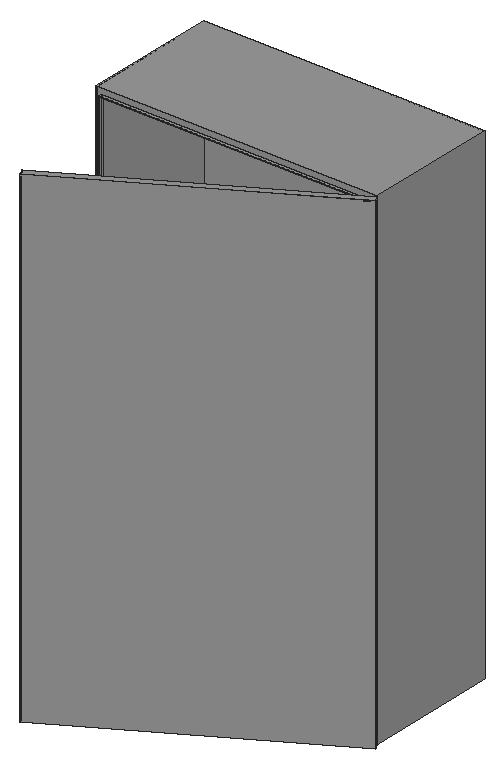
Revit family "Hager-Univers-IP55-D400-H1400-Cl.I-Steel_encl-NoHosted-AT-de", category Equipement électrique, Revit 2020
Family settings
  Configuration du panneau = Deux colonnes, circuits au sein
  Cote de connecteur circulaire = Utiliser le diamètre
  Type d'élément = Tableau de raccordement
  Basée sur le plan de construction = Oui
  Toujours verticalement = Oui
  Couper avec des vides une fois chargée = Non
  Partagée = Non
  Point de calcul de pièce = Non
Parameters (values of type "Aufputz IP55 B800 H1400 T400  - FR93G")
  Width Control [instance] = if([EF000008 - Breite] > Min Width, [EF000008 - Breite], Min Width)  # 800 mm
  Commentaires du type = [HG000003 - Bereich]  # "Univers"
  Thickness Door [instance] = if([EF009171 - Materialstärke Tür/Deckel] > 3 mm, 3 mm, [EF009171 - Materialstärke Tür/Deckel])  # 1.5 mm
  Seal Frame Offset [instance] = 17 mm  # constant formula
  Plinth Visibility [instance] = [HG000027 - Sockelhöhe] > 0 mm  # no
  Min Width [instance] = 100 mm  # constant formula
  Min Depth [instance] = (2 * [EF009170 - Materialstärke Gehäuse]) + 1 mm  # 4 mm
  Min Height [instance] = 100 mm  # constant formula
  Internal Frame Depth [instance] = (Door System Depth * 0.5)  # 9 mm
  Panel Name [instance] = ""  # (empty or 0)
  Model = ""
  HG000027 - Sockelhöhe = 0 mm
  HG000026 - Stehend auf dem Boden = no
  HG000024 - Höhe des unteren Teils = 600 mm
  HG000023 - Gehäuse mit doppeltem Querschnitt = no
  HG000016 - 3D-Türsichtbarkeit [instance] = yes
  HG000015 - Sichtbarkeit der Türöffnung [instance] = no
  HG000014 - Tür rechts [instance] = yes
  HG000013 - Tür links [instance] = not([HG000014 - Tür rechts])  # no
  HG000012 - Türschwenkwinkel [instance] = 30.00°
  HG000010 - Asymmetrische Türen = no
  HG000009 - Doppelflügeligen Tür = no
  HG000006 - Unterputz = no
  HG000004 - Herstellerreferenz = "FR93G"
  HG000003 - Bereich = "Univers"
  HG000002 - Mit tür = yes
  Frame Offset Bottom [instance] = 10 mm  # constant formula
  Frame Offset [instance] = 15 mm  # constant formula
  EF015940 - Deckel mit Überdruckentlastung = no
  EF011959 - Schutzart (NEMA) = ""
  EF009554 - Anzahl der Öffnungen für Flanschplatten = 6
  EF009212 - Ausführung Deckel = "EV000116 - geschlossen"
  EF009171 - Materialstärke Tür/Deckel = 1.5 mm
  EF009170 - Materialstärke Gehäuse = 1.5 mm
  EF008873 - Nennstrom (In) = 800 A
  EF007800 - Geeignet für Blitzschutz = no
  EF006306 - Mit Schloss = no
  EF006244 - Transparenter Deckel/Tür = no
  EF005474 - Schutzart (IP) = "EV006420 - IP55"
  EF004464 - Art der Tür = "EV002646 - Einzel"
  EF004427 - Anzahl der Module = 324
  EF004293 - Schlagfestigkeit = "EV008784 - IK10"
  EF003532 - Geeignet für Außengebrauch = no
  EF002950 - Breite in Teilungseinheiten = 24
  EF001613 - Funktionserhalt = "EV000494 - ohne"
  EF001596 - Werkstoff des Gehäuses = "EV000179 - Stahl"
  EF001131 - Innentiefe = 400 mm
  EF001088 - Anbaumöglichkeit = yes
  EF000437 - Anzahl der Leitungseinführungen = 6
  EF000339 - Art der Abdeckung = "EV004216 - Tür"
  EF000266 - Anzahl der Reihen = 9
  EF000218 - Einbautiefe = 0 mm
  EF000118 - Mit Montageplatte = no
  EF000116 - RAL-Nummer = "7035"
  EF000049 - Tiefe = 400 mm
  EF000040 - Höhe = 1400 mm
  EF000008 - Breite = 800 mm
  EF000007 - Farbe = "EV000270 - grau"
  EF000003 - Montageart = "EV000384 - Aufputz"
  Door System Leaf Tolerance [instance] = 1.5 mm  # constant formula
  Door System Depth [instance] = 18 mm  # constant formula
  Door Height [instance] = Height Control - [HG000027 - Sockelhöhe]  # 1400 mm
  Description = ""
  Default Elevation = 1219.2 mm
  Connector Offset [instance] = Height Control / 2  # 700 mm
  Fabricant = "Hager"  # constant formula
  Height Control [instance] = if([EF000040 - Höhe] > Min Height, [EF000040 - Höhe], Min Height)  # 1400 mm
  Depth Control [instance] = if([EF000049 - Tiefe] > Min Depth, [EF000049 - Tiefe], Min Depth)  # 400 mm
  Bottom Top Plate Trim [instance] = 1.5 mm  # constant formula
  Plinth height Ctrl [instance] = if([HG000027 - Sockelhöhe] > 0 mm, [HG000027 - Sockelhöhe], 12 mm)  # 12 mm
Types (3, lengths in mm): name | Width Control | HG000009 - Doppelflügeligen Tür | HG000004 - Herstellerreferenz | EF009554 - Anzahl der Öffnungen für Flanschplatten | EF004464 - Art der Tür | EF004427 - Anzahl der Module | EF000437 - Anzahl der Leitungseinführungen | EF000008 - Breite
  Aufputz IP55 B1050 H1400 T400  - FR94G | 1050 | yes | "FR94G" | 8 | "EV003602 - Doppel" | 432 | 8 | 1050
  Aufputz IP55 B550 H1400 T400  - FR92G | 550 | no | "FR92G" | 4 | "EV002646 - Einzel" | 216 | 4 | 550
  Aufputz IP55 B800 H1400 T400  - FR93G | 800 | no | "FR93G" | 6 | "EV002646 - Einzel" | 324 | 6 | 800
Reference planes
  plane 1 "Center (Front/Back)": y = 0
  plane 2: z = 0
  plane 3 "Center (Left/Right)": x = 0
  plane 4: y = 0
  plane 5: y = 0
  plane 6: z = 0
  plane 7: x = -400
  plane 8: x = 400
  plane 9: x = 398.5
  plane 10: x = -398.5
  plane 11: z = 0
  plane 12: z = 1.5
  plane 13: y = -400
  plane 14: y = -1.5
  plane 15: x = 0
  plane 16: y = -382
  plane 17: y = -398.5
  plane 18: y = -380.5
  plane 19: x = -383.5
  plane 20: x = 383.5
  plane 21: z = 11.5
  plane 22: x = -383
  plane 23: x = 383
  plane 24: z = 0
  plane 25: z = 1400
  plane 26: z = 1400
  plane 27: z = 1383.5
  plane 28: z = 1398.5
Forms (mm)
  Extrusion 1, solid, material "Hager_Steel_RAL7035_Light_Grey", detail levels medium+fine
    sketch origin (-208.679, -4572, 0) x (-1, 0, 0) y (0, -1, 0)
      loop
        line (191.321, -4190) -> (-608.679, -4190) -> (-608.679, -4572) -> (191.321, -4572) -> (191.321, -4190)
    from 0 to 1400
  Extrusion 2, void
    sketch origin (-350.771, -400, 1219.2) x (1, 0, 0) y (0, 0, 1)
      loop
        line (-47.729, 179.3) -> (-47.729, -1217.7) -> (749.271, -1217.7) -> (749.271, 179.3) -> (-47.729, 179.3)
    from -19.5 to -398.5
  Extrusion 3, void
    sketch origin (-290.084, -382, 1219.2) x (1, 0, 0) y (0, 0, 1)
      loop
        line (-93.416, -1207.7) -> (673.584, -1207.7) -> (673.584, 164.3) -> (-93.416, 164.3) -> (-93.416, -1207.7)
    from 0 to -1.5
  Extrusion 4, solid, material "Hager_Steel_RAL7035_Light_Grey", visible <- "Plinth Visibility", detail levels medium+fine
    sketch origin (0, 0, 0) x (1, 0, 0) y (0, 1, 0)
      loop
        line (-400, 0) -> (-400, -382) -> (400, -382) -> (400, 0) -> (-400, 0)
    from 0 to 12 <- "Plinth height Ctrl"
  Extrusion 5, solid, material "Hager_Steel_RAL7035_Light_Grey", detail levels coarse
    sketch origin (0, 0, 0) x (1, 0, 0) y (0, 1, 0)
      loop
        line (-400, 0) -> (-400, -400) -> (400, -400) -> (400, 0) -> (-400, 0)
    from 0 to 1400 <- "Height Control"
  Sweep 6, void
    path in 3D
      loop
        line (-400, -382, 12) -> (400, -382, 12) -> (400, 0, 12) -> (-400, 0, 12) -> (-400, -382, 12)
    profile origin (-400, -191, 12) x (1, 0, 0) y (0, 0, 1)
      loop
        line (0, 0) -> (0, -1.5) -> (1.5, -1.5)
        arc (1.5, -1.5) -> (1.061, -0.439) -> (0, 0) r 1.5
  Extrusion 7, solid, material "Hager_Steel_RAL7035_Light_Grey", detail levels fine
    sketch origin (-400, -382, 0) x (1, 0, 0) y (0, 0, 1)
      loop
        line (16.5, 11.5) -> (783.5, 11.5) -> (783.5, 1383.5) -> (16.5, 1383.5) -> (16.5, 11.5)
      loop
        line (15, 10) -> (785, 10) -> (785, 1385) -> (15, 1385) -> (15, 10)
    from 0 to 9 <- "Internal Frame Depth"
Cuts and joins
  Extrusion 2, Extrusion 3 cuts Extrusion 1
  Sweep 6 cuts Extrusion 4
Lines and regions (mm)
  Masking region 1
    outline origin (0, 0, 0) x (1, 0, 0) y (0, 1, 0)
      loop
        line (-400, 0) -> (-400, -400) -> (400, -400) -> (400, 0) -> (-400, 0)
  Masking region 2, detail levels coarse
    outline origin (-290.084, -382, 1219.2) x (-1, 0, 0) y (0, 0, 1)
      loop
        line (-690.084, -1219.2) -> (109.916, -1219.2) -> (109.916, 180.8) -> (-690.084, 180.8) -> (-690.084, -1219.2)
  Masking region 3, detail levels coarse
    outline origin (0, 0, 0) x (0, 1, 0) y (0, 0, 1)
      loop
        line (0, 0) -> (0, 1400) -> (-400, 1400) -> (-400, 0) -> (0, 0)
  Masking region 4, visible <- "Plinth Visibility", detail levels medium+fine
    outline origin (0, 0, 0) x (0, 1, 0) y (0, 0, 1)
      loop
        line (-1.5, 12) -> (-380.5, 12)
        arc (-380.5, 12) -> (-380.939, 10.939) -> (-382, 10.5) r 1.5
        line (-382, 10.5) -> (-382, 0) -> (0, 0) -> (0, 10.5)
        arc (0, 10.5) -> (-1.061, 10.939) -> (-1.5, 12) r 1.5
  Masking region 5, detail levels medium+fine
    outline origin (0, 0, 594.038) x (0, 1, 0) y (0, 0, 1)
      loop
        line (0, -594.038) -> (0, 805.962) -> (-382, 805.962) -> (-382, -594.038) -> (0, -594.038)
  Masking region 6, detail levels medium+fine
    outline origin (-359.7, -382, 1211.883) x (-1, 0, 0) y (0, 0, 1)
      loop
        line (-759.7, -1211.883) -> (40.3, -1211.883) -> (40.3, 188.117) -> (-759.7, 188.117) -> (-759.7, -1211.883)
  Masking region 7, visible <- "Plinth Visibility", detail levels medium+fine
    outline origin (-320.334, -382, 1041.368) x (-1, 0, 0) y (0, 0, 1)
      loop
        line (-720.334, -1041.368) -> (79.666, -1041.368) -> (79.666, -1030.868)
        arc (79.666, -1030.868) -> (78.606, -1030.429) -> (78.166, -1029.368) r 1.5
        line (78.166, -1029.368) -> (-718.834, -1029.368)
        arc (-718.834, -1029.368) -> (-719.273, -1030.429) -> (-720.334, -1030.868) r 1.5
        line (-720.334, -1030.868) -> (-720.334, -1041.368)
  sketch lines
    curve 1: line (-400, 0, 12) -> (-400, -382, 12)
    curve 2: line (-400, -382, 12) -> (400, -382, 12)
    curve 3: line (400, 0, 12) -> (-400, 0, 12)
    curve 4: line (400, -382, 12) -> (400, 0, 12)
Dimensions and locks
  locked: plane 1 "Center (Front/Back)" to plane 5
  "EF009170 - Materialstärke Gehäuse": plane 7 to plane 10
  "EF009170 - Materialstärke Gehäuse": plane 8 to plane 9
  equal spacing: plane 7, plane 3 "Center (Left/Right)", plane 8
  "Width Control": plane 7 to plane 8
  "Depth Control": plane 4 to plane 13
  "EF009170 - Materialstärke Gehäuse": plane 4 to plane 14
  "Height Control": plane 25 to level
  "HG000027 - Sockelhöhe": plane 11 to level
  "EF009170 - Materialstärke Gehäuse": plane 12 to plane 11
  "EF009170 - Materialstärke Gehäuse": plane 17 to plane 13
  "EF009170 - Materialstärke Gehäuse": plane 18 to plane 16
  "Frame Offset Bottom": plane 21 to plane 12
  "Frame Offset": plane 10 to plane 19
  "Frame Offset": plane 9 to plane 20
  "Door System Depth": plane 16 to plane 13
  "Seal Frame Offset": plane 7 to plane 22
  "Seal Frame Offset": plane 8 to plane 23
  "EF009170 - Materialstärke Gehäuse": plane 26 to plane 28
  "Frame Offset": plane 28 to plane 27
  "Connector Offset": plane 2 to connector elem
  "Bottom Top Plate Trim": profile plane to Sweep 6 sketch curve
  "Bottom Top Plate Trim": Sweep 6 sketch curve to Sweep 6 sketch curve
  "Plinth height Ctrl": Masking region 4 sketch curve to level
  "Plinth height Ctrl": Masking region 7 sketch curve to level
  "Thickness Door": Extrusion 7 sketch curve to Extrusion 7 sketch curve  (x4)
  "Bottom Top Plate Trim": radius of Sweep 6 sketch curve
  "Bottom Top Plate Trim": radius of Masking region 4 sketch curve  (x2)
  "Bottom Top Plate Trim": radius of Masking region 7 sketch curve  (x2)
  aligned and locked: Extrusion 2 sketch curve to plane 12
  aligned and locked: Extrusion 2 sketch curve to plane 9
  aligned and locked: Extrusion 2 sketch curve to plane 10
  aligned and locked: Extrusion 2 to plane 14
  aligned and locked: Extrusion 1 sketch curve to plane 4
  aligned and locked: plane 8 to Extrusion 1 sketch curve
  aligned and locked: plane 7 to Extrusion 1 sketch curve
  aligned and locked: Extrusion 2 to plane 18
  aligned and locked: Extrusion 3 sketch curve to plane 19
  aligned and locked: plane 20 to Extrusion 3 sketch curve
  aligned and locked: Extrusion 3 to Extrusion 2
  aligned and locked: Extrusion 3 sketch curve to plane 21
  aligned and locked: plane 3 "Center (Left/Right)" to nested 1
  aligned and locked: Extrusion 1 sketch curve to plane 16
  aligned and locked: Extrusion 4 sketch curve to cut or joined group of Extrusion 1, Extrusion 2, Extrusion 3
  aligned and locked: Masking region 1 sketch curve to plane 7
  aligned and locked: Masking region 1 sketch curve to plane 5
  aligned and locked: Masking region 1 sketch curve to plane 8
  aligned and locked: Masking region 2 sketch curve to level
  aligned and locked: level to Masking region 3 sketch curve
  aligned and locked: plane 1 "Center (Front/Back)" to Masking region 3 sketch curve
  aligned and locked: plane 13 to Masking region 3 sketch curve
  aligned and locked: plane 5 to Masking region 4 sketch curve
  aligned and locked: Masking region 2 sketch curve to plane 8
  aligned and locked: Masking region 2 sketch curve to plane 7
  aligned and locked: plane 7 to nested 2
  aligned and locked: nested 2 to plane 5
  aligned and locked: plane 5 to Masking region 5 sketch curve
  aligned and locked: plane 26 to Masking region 5 sketch curve
  aligned and locked: Extrusion 5 sketch curve to plane 8
  aligned and locked: Extrusion 5 sketch curve to plane 7
  aligned and locked: Extrusion 5 sketch curve to plane 5
  aligned and locked: Extrusion 3 sketch curve to plane 27
  aligned and locked: Extrusion 2 sketch curve to plane 28
  aligned and locked: Masking region 2 to plane 25
  aligned and locked: Extrusion 4 to plane 16
  aligned and locked: profile plane to Sweep 6 sketch curve
  aligned and locked: Masking region 5 sketch curve to plane 24
  aligned and locked: level to Masking region 4 sketch curve
  aligned and locked: Masking region 1 to plane 13
  aligned and locked: nested 1 to plane 16
  aligned and locked: Masking region 3 to plane 25
  aligned and locked: plane 16 to Masking region 4 sketch curve
  aligned and locked: Masking region 5 sketch curve to plane 16
  aligned and locked: plane 24 to plane 11
  aligned and locked: plane 26 to plane 25
  aligned and locked: plane 26 to cut or joined group of Extrusion 1, Extrusion 2, Extrusion 3
  aligned and locked: nested 1 to plane 24
  aligned and locked: Extrusion 1 to Extrusion 3
  aligned and locked: Masking region 6 sketch curve to plane 8
  aligned and locked: Masking region 6 sketch curve to plane 24
  aligned and locked: Masking region 6 sketch curve to plane 7
  aligned and locked: Masking region 6 sketch curve to plane 26
  aligned and locked: Masking region 7 sketch curve to plane 7
  aligned and locked: level to Masking region 7 sketch curve
  aligned and locked: Masking region 7 sketch curve to plane 8
  aligned and locked: Extrusion 7 sketch curve to cut or joined group of Extrusion 1, Extrusion 2, Extrusion 3  (x4)
Automatic sketch dimensions
  plane 19 to Extrusion 3 sketch curve = 0 mm
  Extrusion 3 sketch curve to plane 20 = 0 mm
  Extrusion 3 sketch curve to plane 21 = 0 mm
  Extrusion 4 sketch curve to plane 7 = 0 mm
  Extrusion 4 sketch curve to plane 8 = 0 mm
  Extrusion 4 sketch curve to plane 16 = 0 mm
  Masking region 1 sketch curve to plane 13 = 0 mm
  Masking region 2 sketch curve to plane 25 = 0 mm
  Masking region 3 sketch curve to plane 25 = 0 mm
  Extrusion 5 sketch curve to plane 13 = 0 mm
  profile plane to Sweep 6 sketch curve = 0 mm
Nested families
  nested 1: "EC000058_Univers_Door" at (0, -382, 0), Double <- "HG000009 - Doppelflügeligen Tür", Transparent <- "EF006244 - Transparenter Deckel/Tür", Angle <- "HG000012 - Türschwenkwinkel", Door_Right <- "HG000014 - Tür rechts", Assymetrical <- "HG000010 - Asymmetrische Türen", Door <- "HG000002 - Mit tür", Width_Ctrl <- "Width Control", 3d_Door <- "HG000016 - 3D-Türsichtbarkeit", Clearance <- "HG000015 - Sichtbarkeit der Türöffnung", Door_Left <- "HG000013 - Tür links", Width <- "Width Control", Door_Depth <- "Door System Depth", Leaf_Tolerance <- "Door System Leaf Tolerance", Height <- "Door Height", Lock_Visibility <- "EF006306 - Mit Schloss", Thickness <- "Thickness Door", type "EC000058_Univers_Door", detail levels medium+fine
    with min_wh 4 mm, Width_Ctrl 800 mm, Width 800 mm, Transparent no, Thickness 1.5 mm, Seal_Material Hager_Rubber, Lock_Visibility no, Lock_Material Hager_Plastic_RAL9005_Jet_Black, Leaf_Width 800 mm, Leaf_Tolerance_External_Sides 0 mm, Leaf_Tolerance 1.5 mm, Leaf_Offset 0 mm, Leaf_Height 1397 mm, Leaf_2_Width 800 mm, Leaf_2_Offset 400 mm, Leaf_1_Width 800 mm, Leaf_1_Offset 400 mm, Height_Ctrl 1400 mm, Height 1400 mm, Glass_Material Hager_Glass, Double_Clearance_Ctrl no, Double no, Door_Right_Ctrl yes, Door_Right yes, Door_Material Hager_Steel_RAL7035_Light_Grey, Door_Left_Ctrl no, Door_Left no, Door_Depth 18 mm, Door yes, Clearance_Material Hager_Clearance, Clearance_Depth 800 mm, Clearance_Ctrl no, Clearance no, Assymetrical no, Angle 30.00°, 3d_Door yes
  nested 2: "Hager_Enclosure_Symbol" at (-400, 0, 0), Height <- "Depth Control", Width <- "Width Control", type "Hager_Enclosure_Symbol"
    with Width_Ctrl 800 mm, Width 800 mm, Height_Ctrl 400 mm, Height 400 mm, A_Width_Int 26.25 mm, A_Width 315 mm, A_Height_Ctrl 350 mm, A_Height 350 mm
Connectors
  electrical at (0, 0, 700)
    settings: on plane 1 "Center (Front/Back)", index 1, voltage 0 V, apparent load 0 VA, apparent load phase1 0 VA, apparent load phase2 0 VA, apparent load phase3 0 VA, power factor 1, load classification "Other", number of poles 1, system type 30, power factor state 1, is connector primary yes, connector utility no, sub classification motor no, connector description ""
Definition of nested family "EC000058_Univers_Door"
  Parameters (values of type "EC000058_Univers_Door")
    min_wh [instance] = (2 * Thickness) + 1 mm  # 11 mm
    Width_Ctrl [instance] = 400 mm
    Width [instance] = 500 mm
    Transparent [instance] = yes
    Thickness [instance] = 5 mm
    Seal_Material [instance] = none
    Lock_Visibility [instance] = yes
    Lock_Material [instance] = none
    Leaf_Width [instance] = if((Width_Ctrl - 2 * Leaf_Tolerance_External_Sides) > 0 mm, (Width_Ctrl - 2 * Leaf_Tolerance_External_Sides), min_wh)  # 400 mm
    Leaf_Tolerance_External_Sides [instance] = 0 mm  # constant formula
    Leaf_Tolerance [instance] = 1.5 mm
    Leaf_Offset [instance] = 0 mm  # constant formula
    Leaf_Height [instance] = if((Height_Ctrl - 2 * Leaf_Tolerance) > 0 mm, (Height_Ctrl - 2 * Leaf_Tolerance), min_wh)  # 497 mm
    Leaf_2_Width [instance] = if(and(and(Double, Assymetrical), Door_Left), (Leaf_Width / 3) - (Leaf_Tolerance / 2), if(and(and(Double, Assymetrical), Door_Right), (Leaf_Width / 3) * 2 - (Leaf_Tolerance / 2), if(and(Double, not(Assymetrical)), (Leaf_Width / 2) - Leaf_Tolerance, Leaf_Width)))  # 400 mm
    Leaf_2_Offset [instance] = if(and(Double, Assymetrical), Leaf_2_Width / 2, if(and(Double, not(Assymetrical)), Leaf_Width / 4, Leaf_Width / 2))  # 200 mm
    Leaf_1_Width [instance] = if(and(and(Double, Assymetrical), Door_Right), (Leaf_Width / 3) - (Leaf_Tolerance / 2), if(and(and(Double, Assymetrical), Door_Left), (Width / 3) * 2 - (Leaf_Tolerance / 2), if(and(Double, not(Assymetrical)), (Leaf_Width / 2) - Leaf_Tolerance, Leaf_Width)))  # 400 mm
    Leaf_1_Offset [instance] = if(and(Double, Assymetrical), Leaf_1_Width / 2, if(and(Double, not(Assymetrical)), Leaf_Width / 4, Leaf_Width / 2))  # 200 mm
    Height_Ctrl [instance] = if(Height > min_wh, Height, min_wh)  # 500 mm
    Height [instance] = 500 mm
    Glass_Material [instance] = none
    Double_Clearance_Ctrl [instance] = and(Double, Clearance)  # no
    Double [instance] = no
    Door_Right_Ctrl [instance] = and(or(Door_Right, Double), Door)  # yes
    Door_Right [instance] = yes
    Door_Material [instance] = none
    Door_Left_Ctrl [instance] = and(or(Door_Left, Double), Door)  # no
    Door_Left [instance] = no
    Door_Depth [instance] = 30 mm
    Door [instance] = yes
    Default Elevation = 1219.2 mm
    Clearance_Material [instance] = none
    Clearance_Depth [instance] = if(Leaf_1_Width > Leaf_2_Width, Leaf_1_Width, Leaf_2_Width)  # 400 mm
    Clearance_Ctrl [instance] = and(not(Double), Clearance)  # yes
    Clearance [instance] = yes
    Assymetrical [instance] = yes
    Angle [instance] = 30.00°
    3d_Door [instance] = yes
  Reference planes
    plane 1 "Center (Front/Back)": y = 0
    plane 2 "Bottom": z = 0
    plane 3 "Center (Left/Right)": x = 0
    plane 4: z = 500
    plane 5: x = -200
    plane 6: x = 200
    plane 7: z = 500
    plane 8: x = -200
    plane 9: z = 0
    plane 10: x = 200
    plane 11: y = 0
    plane 12: z = 1.5
    plane 13: x = -600
    plane 14: y = -400
    plane 15: x = 600
    plane 16: x = 0
    plane 17: x = 0
    plane 18: x = -200
    plane 19: x = 200
    plane 20: z = 498.5
  Forms (mm)
    Extrusion 1, solid, material <- "Clearance_Material", visible <- "Double_Clearance_Ctrl"
      sketch origin (1200, 0, 0) x (1, 0, 0) y (0, 0, -1)
        loop
          line (-1800, -498.5) -> (-600, -498.5) -> (-600, 0) -> (-1800, 0) -> (-1800, -498.5)
      from 0 to -400
  Dimensions and locks
    equal spacing: plane 5, plane 3 "Center (Left/Right)", plane 6
    "Width_Ctrl": plane 5 to plane 6
    "Leaf_Offset": plane 5 to plane 8
    "Leaf_Offset": plane 6 to plane 10
    "Leaf_Offset": plane 9 to level
    "Leaf_Offset": plane 4 to plane 7
    "Height_Ctrl": plane 4 to level
    "Leaf_Tolerance": plane 12 to plane 9
    locked: plane 11 to plane 1 "Center (Front/Back)"
    "Leaf_1_Offset": plane 18 to plane 16
    "Leaf_2_Offset": plane 17 to plane 19
    "Leaf_1_Width": plane 13 to plane 8
    "Leaf_2_Width": plane 10 to plane 15
    "Clearance_Depth": plane 14 to plane 1 "Center (Front/Back)"
    "Leaf_Tolerance_External_Sides": plane 8 to plane 18
    "Leaf_Tolerance_External_Sides": plane 19 to plane 10
    "Leaf_Tolerance": plane 7 to plane 20
    aligned and locked: level to plane 2 "Bottom"
    aligned and locked: nested 1 to plane 16
    aligned and locked: nested 2 to plane 17
    aligned and locked: Extrusion 1 to plane 13
    aligned and locked: plane 15 to Extrusion 1
    aligned and locked: Extrusion 1 to plane 14
    aligned and locked: plane 12 to nested 1
    aligned and locked: nested 2 to plane 12
    aligned and locked: Extrusion 1 to plane 11
    aligned and locked: plane 20 to Extrusion 1
    aligned and locked: nested 2 to plane 11
    aligned and locked: nested 1 to plane 11
  Automatic sketch dimensions
    Extrusion 1 sketch curve to level = 0 mm
    plane 5 to Extrusion 1 sketch curve = 400 mm
    plane 6 to Extrusion 1 sketch curve = 400 mm
    Extrusion 1 sketch curve to plane 4 = 1.5 mm
  Nested families
    nested 1: "EC000058_Univers_Door_Leaf" at (0, 0, 1.5), Width <- "Leaf_1_Width", visible <- "Door_Left_Ctrl", Leaf_Height <- "Leaf_Height", Angle <- "Angle", 3d_Door <- "3d_Door", Transparent <- "Transparent", Clearance Material <- "Clearance_Material", Clearance <- "Clearance_Ctrl", Door_Material <- "Door_Material", Glass_Material <- "Glass_Material", Door_Depth <- "Door_Depth", Lock_Material <- "Lock_Material", Seal_Material <- "Seal_Material", Lock_Visibility <- "Lock_Visibility", Thickness <- "Thickness", type "EC000058_Univers_Door_Leaf"
      with Width 400 mm, Transparent_Glass_Offset 30 mm, Transparent_Ctrl yes, Transparent yes, Thickness 5 mm, Standard no, Seal_Material none, Seal_D2 8 mm, Seal_D1 1 mm, Offset_Internal_Frame 10 mm, Lock_Width 20 mm, Lock_Visibility_3d yes, Lock_Visibility yes, Lock_Thickness_3 3 mm, Lock_Thickness_2 1 mm, Lock_Thickness_1 3 mm, Lock_Radius_Offset_2 16 mm, Lock_Radius_Offset_1 15 mm, Lock_Radius_2 5 mm, Lock_Radius 6 mm, Lock_Offset 5 mm, Lock_Material none, Lock_Height 80 mm, Lock_Cover_Top_Offset_2d 17 mm, Lock_Cover_Height -65 mm, Leaf_Height 497 mm, Internal_Seal_Thickness 8 mm, Internal_Seal_Depth_2 4.5 mm, Internal_Frame_Depth 25 mm, Glass_Thickness -1 mm, Glass_Offset -2 mm, Glass_Material none, Door_Material none, Door_Depth 30 mm, Clearance Material none, Clearance yes, Angle_Ctrl 30.00°, Angle 30.00°, 3d_Door yes
    nested 2: "EC000058_Univers_Door_Leaf" at (0, 0, 1.5) x (-1, 0, 0) z (0, 0, 1), Width <- "Leaf_2_Width", visible <- "Door_Right_Ctrl", Leaf_Height <- "Leaf_Height", Angle <- "Angle", 3d_Door <- "3d_Door", Transparent <- "Transparent", Clearance Material <- "Clearance_Material", Clearance <- "Clearance_Ctrl", Door_Material <- "Door_Material", Glass_Material <- "Glass_Material", Door_Depth <- "Door_Depth", Lock_Material <- "Lock_Material", Seal_Material <- "Seal_Material", Lock_Visibility <- "Lock_Visibility", Thickness <- "Thickness", type "EC000058_Univers_Door_Leaf"
      with Width 400 mm, Transparent_Glass_Offset 30 mm, Transparent_Ctrl yes, Transparent yes, Thickness 5 mm, Standard no, Seal_Material none, Seal_D2 8 mm, Seal_D1 1 mm, Offset_Internal_Frame 10 mm, Lock_Width 20 mm, Lock_Visibility_3d yes, Lock_Visibility yes, Lock_Thickness_3 3 mm, Lock_Thickness_2 1 mm, Lock_Thickness_1 3 mm, Lock_Radius_Offset_2 16 mm, Lock_Radius_Offset_1 15 mm, Lock_Radius_2 5 mm, Lock_Radius 6 mm, Lock_Offset 5 mm, Lock_Material none, Lock_Height 80 mm, Lock_Cover_Top_Offset_2d 17 mm, Lock_Cover_Height -65 mm, Leaf_Height 497 mm, Internal_Seal_Thickness 8 mm, Internal_Seal_Depth_2 4.5 mm, Internal_Frame_Depth 25 mm, Glass_Thickness -1 mm, Glass_Offset -2 mm, Glass_Material none, Door_Material none, Door_Depth 30 mm, Clearance Material none, Clearance yes, Angle_Ctrl 30.00°, Angle 30.00°, 3d_Door yes
  Definition of nested family "EC000058_Univers_Door_Leaf"
    Parameters (values of type "EC000058_Univers_Door_Leaf")
      Width [instance] = 2000 mm
      Transparent_Glass_Offset [instance] = 30 mm
      Transparent_Ctrl [instance] = and(Transparent, [3d_Door])  # yes
      Transparent [instance] = yes
      Thickness [instance] = 5 mm
      Standard [instance] = and(not(Transparent), [3d_Door])  # no
      Seal_Material [instance] = none
      Seal_D2 [instance] = 8 mm  # constant formula
      Seal_D1 [instance] = 1 mm  # constant formula
      Offset_Internal_Frame [instance] = 10 mm  # constant formula
      Lock_Width [instance] = 20 mm  # constant formula
      Lock_Visibility_3d [instance] = and(Lock_Visibility, [3d_Door])  # yes
      Lock_Visibility [instance] = yes
      Lock_Thickness_3 [instance] = 3 mm  # constant formula
      Lock_Thickness_2 [instance] = 1 mm  # constant formula
      Lock_Thickness_1 [instance] = 3 mm  # constant formula
      Lock_Radius_Offset_2 [instance] = Lock_Radius_Offset_1 + 1 mm  # 16 mm
      Lock_Radius_Offset_1 [instance] = 15 mm  # constant formula
      Lock_Radius_2 [instance] = Lock_Radius - 1 mm  # 5 mm
      Lock_Radius [instance] = 6 mm  # constant formula
      Lock_Offset [instance] = 5 mm  # constant formula
      Lock_Material [instance] = none
      Lock_Height [instance] = 80 mm  # constant formula
      Lock_Cover_Top_Offset_2d [instance] = Lock_Radius_Offset_2 + 1 mm  # 17 mm
      Lock_Cover_Height [instance] = -(Lock_Height - Lock_Radius_Offset_1)  # -65 mm
      Leaf_Height [instance] = 2720.336 mm
      Internal_Seal_Thickness [instance] = 8 mm  # constant formula
      Internal_Seal_Depth_2 [instance] = 4.5 mm  # constant formula
      Internal_Frame_Depth [instance] = if(Door_Depth - Thickness > 5 mm, Door_Depth - Thickness, 5 mm)  # 25 mm
      Glass_Thickness [instance] = if(Thickness > 15 mm, Glass_Offset + 10 mm, -1 mm)  # -1 mm
      Glass_Offset [instance] = if(Thickness > 15 mm, -(Thickness + 10 mm) / 2, -2 mm)  # -2 mm
      Glass_Material [instance] = none
      Door_Material [instance] = none
      Door_Depth [instance] = 30 mm
      Default Elevation = 0 mm
      Clearance Material [instance] = none
      Clearance [instance] = yes
      Angle_Ctrl [instance] = if(Angle > 180.00°, 180.00°, Angle)  # 90.00°
      Angle [instance] = 90.00°
      3d_Door [instance] = yes
    Reference planes
      plane 1 "Center (Front/Back)": y = 0
      plane 2: z = 0
      plane 3 "Center (Left/Right)": x = 0
      plane 4: y = 2000
      plane 5: x = -1000
      plane 6: x = 1000
      plane 7: x = -3000
      plane 8: z = 2720.336
      plane 9: z = 30
      plane 10: z = 2690.336
      plane 11: x = 970
      plane 12: x = -970
      plane 13: y = -3
      plane 14: z = 107.833
      plane 15: y = -5
      plane 16: y = -223.314
      plane 17: x = -1000
      plane 18: z = 1360.168
      plane 19: y = 30
    Forms (mm)
      Extrusion 1, solid, material <- "Clearance Material", visible <- "Clearance"
        sketch origin (0, 0, 0) x (1, 0, 0) y (0, 0, 1)
          loop
            line (-3000, 2720.336) -> (-3000, 0) -> (1000, 0) -> (1000, 2720.336) -> (-3000, 2720.336)
        from 0 to -2000
      Extrusion 2, solid, material <- "Door_Material", visible <- "Standard", detail levels medium+fine
        sketch origin (-1000, 0, 0) x (0, 1, 0) y (-1, 0, 0)
          loop
            line (0, 30) -> (0, 25) -> (2000, 25) -> (2000, 30) -> (0, 30)
        from 0 to 2720.336 <- "Leaf_Height"
      Extrusion 3, solid, material <- "Door_Material", visible <- "Transparent_Ctrl", detail levels medium+fine
        sketch origin (-1000, 0, 0) x (0, 1, 0) y (-1, 0, 0)
          loop
            line (0, 25) -> (2000, 25) -> (2000, 30) -> (0, 30) -> (0, 25)
        from 0 to 2720.336 <- "Leaf_Height"
      Extrusion 4, void
        sketch origin (-1025, 2000, 0) x (0, 1, 0) y (0, 0, -1)
          loop
            line (-30, -2690.336) -> (-30, -30) -> (-1970, -30) -> (-1970, -2690.336) -> (-30, -2690.336)
        from 0 to 5 <- "Thickness"
      Sweep 5, solid, material <- "Seal_Material", visible <- "Transparent_Ctrl", detail levels fine
        path in 3D
          loop
            line (-1025, 30, 30) -> (-1025, 30, 2690.336) -> (-1025, 1970, 2690.336) -> (-1025, 1970, 30) -> (-1025, 30, 30)
        profile origin (-1025, 1000, 30) x (1, 0, 0) y (0, 0, 1)
          loop
            line (0, 0) -> (0, -8) -> (1, -8) -> (1, 0) -> (0, 0)
      Extrusion 6, solid, material <- "Glass_Material", visible <- "Transparent_Ctrl", detail levels medium+fine
        sketch origin (-1030, 0, 0) x (0, 1, 0) y (0, 0, -1)
          loop
            line (1970, -2690.336) -> (1970, -30) -> (30, -30) -> (30, -2690.336) -> (1970, -2690.336)
        from -2 <- "Glass_Offset" to -1 <- "Glass_Thickness"
      Extrusion 7, solid, material <- "Door_Material", visible <- "3d_Door", detail levels medium+fine
        sketch origin (-1025, 2000, 0) x (0, -1, 0) y (0, 0, -1)
          loop
            line (0, -2720.336) -> (2000, -2720.336) -> (2000, 0) -> (0, 0) -> (0, -2720.336)
          loop
            line (1995, -5) -> (5, -5) -> (5, -2715.336) -> (1995, -2715.336) -> (1995, -5)
        from 0 to 25 <- "Internal_Frame_Depth"
      Sweep 8, solid, material <- "Seal_Material", visible <- "Transparent_Ctrl", detail levels fine
        path in 3D
          loop
            line (-1025, 0, 0) -> (-1025, 2000, 0) -> (-1025, 2000, 2720.336) -> (-1025, 0, 2720.336) -> (-1025, 0, 0)
        profile origin (-1025, 0, 1360.168) x (1, 0, 0) y (0, 1, 0)
          loop
            line (0, 10) -> (2.975, 10)
            arc (2.975, 10) -> (4.053, 10.447) -> (4.5, 11.525) r 1.525
            line (4.5, 11.525) -> (4.5, 16.527)
            arc (4.5, 16.527) -> (4.069, 17.569) -> (3.027, 18) r 1.473
            line (3.027, 18) -> (0, 18) -> (0, 10)
      Extrusion 9, solid, material <- "Lock_Material", visible <- "Lock_Visibility_3d", detail levels fine
        sketch origin (-1030, 0, 0) x (0, 1, 0) y (0, 0, -1)
          loop
            arc (1993.5, -1400.168) -> (1994.561, -1399.729) -> (1995, -1398.668) r 1.5
            line (1995, -1398.668) -> (1995, -1320.168) -> (1975, -1320.168) -> (1975, -1398.668)
            arc (1975, -1398.668) -> (1975.439, -1399.729) -> (1976.5, -1400.168) r 1.5
            line (1976.5, -1400.168) -> (1993.5, -1400.168)
        from 3 <- "Lock_Thickness_1" to 0
      Blend 10, solid, material <- "Lock_Material", visible <- "Lock_Visibility_3d", detail levels fine
        base sketch origin (-1033, 0, 0) x (0, 1, 0) y (0, 0, -1)
          loop
            line (1975, -1320.168) -> (1975, -1398.668)
            arc (1975, -1398.668) -> (1975.439, -1399.729) -> (1976.5, -1400.168) r 1.5
            line (1976.5, -1400.168) -> (1993.5, -1400.168)
            arc (1993.5, -1400.168) -> (1994.561, -1399.729) -> (1995, -1398.668) r 1.5
            line (1995, -1398.668) -> (1995, -1320.168) -> (1975, -1320.168)
        top sketch origin (-1033, 0, 0) x (0, 1, 0) y (0, 0, -1)
          loop
            line (1976, -1320.168) -> (1976, -1398.668)
            arc (1976, -1398.668) -> (1976.146, -1399.022) -> (1976.5, -1399.168) r 0.5
            line (1976.5, -1399.168) -> (1993.5, -1399.168)
            arc (1993.5, -1399.168) -> (1993.854, -1399.022) -> (1994, -1398.668) r 0.5
            line (1994, -1398.668) -> (1994, -1320.168) -> (1976, -1320.168)
        from 0 to 1 <- "Lock_Thickness_2"
      Blend 11, solid, material <- "Lock_Material", visible <- "Lock_Visibility_3d", detail levels fine
        base sketch origin (-1034, 0, 0) x (0, 1, 0) y (0, 0, -1)
          loop
            line (1978, -1320.168) -> (1978, -1384.168)
            arc (1978, -1384.168) -> (1985, -1391.168) -> (1992, -1384.168) r 7
            line (1992, -1384.168) -> (1992, -1320.168) -> (1978, -1320.168)
        top sketch origin (-1034, 0, 0) x (0, 1, 0) y (0, 0, -1)
          loop
            line (1991, -1320.168) -> (1979, -1320.168) -> (1979, -1383.168)
            arc (1979, -1383.168) -> (1985, -1389.168) -> (1991, -1383.168) r 6
            line (1991, -1383.168) -> (1991, -1320.168)
        from 0 to 3 <- "Lock_Thickness_3"
      Extrusion 12, solid, material <- "Lock_Material", visible <- "Lock_Visibility_3d", detail levels fine
        sketch origin (-1030, 1975, 1320.168) x (1, 0, 0) y (0, -1, 0)
          loop
            line (-7, -19) -> (-7, -1) -> (0, -1) -> (0, 0) -> (-8, 0) -> (-8, -20) -> (0, -20) -> (0, -19) -> (-7, -19)
        from 0 to -65 <- "Lock_Cover_Height"
      Extrusion 13, void
        sketch origin (-1038, 1995, 1320.168) x (-1, 0, 0) y (0, 0, -1)
          loop
            line (-5, -65) -> (0, -65) -> (-5, -60) -> (-5, -65)
        from 0 to 20 <- "Lock_Width"
      Extrusion 14, void
        sketch origin (-1038, 1975, 1320.168) x (0, -1, 0) y (0, 0, -1)
          loop
            circle (-10, -15.995) r 6
          loop
            circle (-10, -15.995) r 5
        from 0 to 2
      Extrusion 15, solid, material <- "Lock_Material", visible <- "Lock_Visibility_3d", detail levels medium
        sketch origin (-1030, 0, 0) x (0, 1, 0) y (0, 0, -1)
          loop
            arc (1993.5, -1400.168) -> (1994.561, -1399.729) -> (1995, -1398.668) r 1.5
            line (1995, -1398.668) -> (1995, -1320.168) -> (1975, -1320.168) -> (1975, -1398.668)
            arc (1975, -1398.668) -> (1975.439, -1399.729) -> (1976.5, -1400.168) r 1.5
            line (1976.5, -1400.168) -> (1993.5, -1400.168)
        from 8 to 0
    Cuts and joins
      Extrusion 4 cuts Extrusion 3
      Extrusion 13, Extrusion 14 cuts Extrusion 9
      Extrusion 14 cuts Blend 11
      Extrusion 13, Extrusion 14 cuts Extrusion 12
      joined: Extrusion 9, Blend 10, Blend 11, Extrusion 12
      Extrusion 14 cuts Extrusion 15
    Lines and regions (mm)
      Masking region 1, visible <- "Lock_Visibility", detail levels fine
        outline origin (0, 0, 0) x (0, 1, 0) y (0, 0, 1)
          loop
            line (30, 1320.168) -> (33, 1320.168) -> (33, 1400.168) -> (30, 1400.168) -> (30, 1320.168)
      Masking region 2, visible <- "Lock_Visibility", detail levels fine
        outline origin (0, 3.143, 0) x (0, 1, 0) y (0, 0, 1)
          loop
            line (29.857, 1354.168) -> (30.857, 1354.168) -> (30.857, 1366.168) -> (29.857, 1366.168) -> (29.857, 1354.168)
      Masking region 3, detail levels medium+fine
        outline origin (0, 0, 0) x (0, 1, 0) y (0, 0, 1)
          loop
            line (0, 0) -> (30, 0) -> (30, 2720.336) -> (0, 2720.336) -> (0, 0)
      Masking region 4, detail levels medium+fine
        outline origin (0, 0, 0) x (1, 0, 0) y (0, 0, 1)
          loop
            line (-1000, 2720.336) -> (-1000, 0) -> (1000, 0) -> (1000, 2720.336) -> (-1000, 2720.336)
      Masking region 5, visible <- "Lock_Visibility", detail levels fine
        outline origin (-47.116, 0, 0) x (1, 0, 0) y (0, 0, 1)
          loop
            arc (1024.616, 1399.168) -> (1023.556, 1398.729) -> (1023.116, 1397.668) r 1.5
            line (1023.116, 1397.668) -> (1023.116, 1320.168) -> (1041.116, 1320.168) -> (1041.116, 1397.668)
            arc (1041.116, 1397.668) -> (1040.677, 1398.729) -> (1039.616, 1399.168) r 1.5
            line (1039.616, 1399.168) -> (1024.616, 1399.168)
      Masking region 6, visible <- "Lock_Visibility", detail levels medium+fine
        outline origin (-25, 0, 0) x (1, 0, 0) y (0, 0, 1)
          loop
            arc (1001.5, 1400.168) -> (1000.439, 1399.729) -> (1000, 1398.668) r 1.5
            line (1000, 1398.668) -> (1000, 1320.168) -> (1020, 1320.168) -> (1020, 1398.668)
            arc (1020, 1398.668) -> (1019.561, 1399.729) -> (1018.5, 1400.168) r 1.5
            line (1018.5, 1400.168) -> (1001.5, 1400.168)
      Masking region 7, visible <- "Lock_Visibility", detail levels fine
        outline origin (-73.735, 0, 0) x (1, 0, 0) y (0, 0, 1)
          loop
            line (1051.735, 1382.168) -> (1065.735, 1382.168) -> (1065.735, 1384.168)
            arc (1065.735, 1384.168) -> (1058.735, 1391.168) -> (1051.735, 1384.168) r 7
            line (1051.735, 1384.168) -> (1051.735, 1382.168)
      Masking region 8, visible <- "Lock_Visibility", detail levels fine
        outline origin (-73.735, 0, 0) x (1, 0, 0) y (0, 0, 1)
          loop
            line (1052.735, 1382.168) -> (1064.735, 1382.168) -> (1064.735, 1383.168)
            arc (1064.735, 1383.168) -> (1058.735, 1389.168) -> (1052.735, 1383.168) r 6
            line (1052.735, 1383.168) -> (1052.735, 1382.168)
      Masking region 9, visible <- "Lock_Visibility", detail levels fine
        outline origin (-25, 0, 0) x (1, 0, 0) y (0, 0, 1)
          loop
            line (1020, 1320.168) -> (1020, 1382.168) -> (1000, 1382.168) -> (1000, 1320.168) -> (1020, 1320.168)
      Masking region 10, detail levels medium+fine
        outline origin (0, 0, 0) x (1, 0, 0) y (0, 0, 1)
          loop
            circle (985, 1335.144) r 6
      Masking region 11, detail levels fine
        outline origin (0, 0, 0) x (1, 0, 0) y (0, 0, 1)
          loop
            circle (985, 1335.144) r 5
      Masking region 12, visible <- "Lock_Visibility", detail levels fine
        outline origin (0, 12.767, 0) x (0, 1, 0) y (0, 0, 1)
          loop
            line (20.233, 1320.168) -> (21.233, 1320.168) -> (21.233, 1399.168) -> (20.233, 1400.168) -> (20.233, 1320.168)
      Masking region 13, visible <- "Lock_Visibility", detail levels fine
        outline origin (0, 13.767, -10) x (0, 1, 0) y (0, 0, 1)
          loop
            line (20.233, 1330.168) -> (23.233, 1330.168) -> (23.233, 1399.168) -> (20.233, 1402.168) -> (20.233, 1330.168)
      Masking region 14, visible <- "Lock_Visibility", detail levels fine
        outline origin (0, 12.767, -10) x (0, 1, 0) y (0, 0, 1)
          loop
            line (20.233, 1330.168) -> (25.233, 1330.168) -> (25.233, 1399.305) -> (20.233, 1394.305) -> (20.233, 1330.168)
      Masking region 15, visible <- "Lock_Visibility", detail levels medium
        outline origin (0, 0, 0) x (0, 1, 0) y (0, 0, 1)
          loop
            line (30, 1320.168) -> (38, 1320.168) -> (38, 1400.168) -> (30, 1400.168) -> (30, 1320.168)
      Masking region 16, visible <- "Lock_Visibility", detail levels fine
        outline origin (-1000, 0, 0) x (0, 1, 0) y (-1, 0, 0)
          loop
            line (1975, 30) -> (1995, 30) -> (1995, 38) -> (1975, 38) -> (1975, 30)
          loop
            line (1979, 37) -> (1976, 37) -> (1976, 34) -> (1978, 34) -> (1979, 37)
          loop
            line (1994, 37) -> (1991, 37) -> (1992, 34) -> (1994, 34) -> (1994, 37)
      Masking region 17, visible <- "Lock_Visibility", detail levels medium
        outline origin (-1000, 0, 0) x (0, 1, 0) y (-1, 0, 0)
          loop
            line (1975, 30) -> (1995, 30) -> (1995, 38) -> (1975, 38) -> (1975, 30)
      symbolic lines
        curve 1: line (1000, 0, 0) -> (-3000, 0, 0)
        curve 2: arc (1000, 0, 0) -> (-1000, 2000, 0) -> (-3000, 0, 0) r 2000
        curve 4: line (-1030, 0, 0) -> (-1030, 2000, 0)
      reference lines
        curve 3: line (-1000, 0, 0) -> (-1000, 2000, 0)
      symbolic lines, detail levels medium+fine
        curve 5: line (-1030, 2000, 0) -> (-1025, 2000, 0)
        curve 7: line (-1025, 0, 0) -> (-1030, 0, 0)
        curve 8: line (-1025, 0, 0) -> (-1000, 0, 0)
        curve 9: line (-1000, 0, 0) -> (-1000, 2000, 0)
        curve 10: line (-1000, 2000, 0) -> (-1025, 2000, 0)
      symbolic lines, detail levels fine
        curve 6: line (-1025, 2000, 0) -> (-1025, 0, 0)
      sketch lines
        curve 11: line (-1025, 0, 2720.336) -> (-1025, 0, 0)
        curve 12: line (-1025, 2000, 0) -> (-1025, 0, 0)
        curve 13: line (-1025, 2000, 2720.336) -> (-1025, 2000, 0)
        curve 14: line (-1025, 0, 2720.336) -> (-1025, 2000, 2720.336)
        curve 15: line (-1025, 1970, 30) -> (-1025, 30, 30)
        curve 16: line (-1025, 30, 30) -> (-1025, 30, 2690.336)
        curve 17: line (-1025, 1970, 2690.336) -> (-1025, 1970, 30)
        curve 18: line (-1025, 30, 2690.336) -> (-1025, 1970, 2690.336)
      symbolic lines, visible <- "Transparent", detail levels medium+fine
        curve 19: line (-970, 0, 2690.336) -> (970, 0, 2690.336)
        curve 20: line (-970, 0, 30) -> (-970, 0, 2690.336)
        curve 21: line (970, 0, 30) -> (-970, 0, 30)
        curve 22: line (970, 0, 2690.336) -> (970, 0, 30)
    Dimensions and locks
      "Width": plane 1 "Center (Front/Back)" to plane 4
      equal spacing: plane 5, plane 3 "Center (Left/Right)", plane 6
      "Width": plane 5 to plane 6
      "Width": plane 7 to plane 5
      "Leaf_Height": plane 8 to level
      "Width": curve 5 to curve 3
      "Width": curve 3 to curve 3
      plane 8 to plane 10 = 30 mm
      plane 9 to level = 30 mm
      plane 12 to plane 5 = 30 mm
      plane 6 to plane 11 = 30 mm
      Extrusion 1 to Extrusion 4 sketch curve = 30 mm
      "Transparent_Glass_Offset": curve 3 to Extrusion 4 sketch curve
      "Transparent_Glass_Offset": Extrusion 4 sketch curve to cut or joined group of Extrusion 3, Extrusion 4  (x2)
      cut or joined group of Extrusion 3, Extrusion 4 to Extrusion 6 sketch curve = 30 mm
      "Transparent_Glass_Offset": cut or joined group of Extrusion 3, Extrusion 4 to Extrusion 4 sketch curve
      "Thickness": curve 6 to curve 4
      "Thickness": Extrusion 7 sketch curve to Extrusion 7 sketch curve  (x4)
      "Door_Depth": curve 4 to curve 3
      "Offset_Internal_Frame": profile plane to Sweep 8 sketch curve
      "Internal_Seal_Thickness": Sweep 8 sketch curve to Sweep 8 sketch curve
      "Internal_Seal_Depth_2": profile plane to Sweep 8 sketch curve
      "Seal_D1": profile plane to Sweep 5 sketch curve
      "Seal_D2": profile plane to Sweep 5 sketch curve
      "Thickness": Extrusion 2 sketch curve to Extrusion 2 sketch curve
      equal spacing: Extrusion 9 sketch curve, plane 18, Extrusion 9 sketch curve  (x2)
      equal spacing: Masking region 1 sketch curve, plane 18, Masking region 1 sketch curve
      "Lock_Height": Masking region 1 sketch curve to Masking region 1 sketch curve
      "Lock_Radius": Masking region 2 sketch curve to plane 18 to Masking region 2 sketch curve
      Masking region 2 sketch curve to Masking region 1 = 1 mm
      "Door_Depth": plane 19 to plane 1 "Center (Front/Back)"
      "Lock_Thickness_1": Masking region 1 sketch curve to plane 19
      "Lock_Width": Extrusion 9 sketch curve to Extrusion 9 sketch curve
      "Lock_Height": Extrusion 9 sketch curve to Extrusion 9 sketch curve
      "Lock_Offset": cut or joined group of Extrusion 3, Extrusion 4 to Extrusion 9 sketch curve
      equal spacing: plane 8, plane 18, level
      "Lock_Radius_Offset_1": Blend 11 sketch curve to Blend 10
      locked: Blend 10 to Blend 11 sketch curve at 2  (x2)
      locked: var sketch to Blend 11 sketch curve at 1  (x2)
      "Lock_Radius_Offset_2": Blend 11 sketch curve to Blend 10
      locked: Extrusion 12 sketch curve to Extrusion 12 sketch curve at 1  (x3)
      Masking region 6 sketch curve to Masking region 6 sketch curve = 80 mm
      "Lock_Height": Masking region 6 sketch curve to Masking region 6 sketch curve
      "Lock_Width": Masking region 6 sketch curve to Masking region 6 sketch curve
      locked: Masking region 6 to Masking region 5 sketch curve at 1  (x3)
      locked: Masking region 5 to Masking region 7 sketch curve at 2  (x2)
      "Lock_Radius_Offset_1": Masking region 5 to Masking region 7 sketch curve
      "Lock_Radius_Offset_2": Masking region 5 to Masking region 8 sketch curve
      locked: Masking region 7 to Masking region 8 sketch curve at 1  (x2)
      "Lock_Cover_Top_Offset_2d": Masking region 5 to Masking region 9 sketch curve
      equal spacing: Masking region 9, Masking region 10 sketch curve, Masking region 9
      equal spacing: Masking region 9, Masking region 11 sketch curve, Masking region 9
      Extrusion 15 sketch curve to Extrusion 15 sketch curve = 80 mm
      "Lock_Width": Extrusion 15 sketch curve to Extrusion 15 sketch curve
      "Lock_Height": Extrusion 15 sketch curve to Extrusion 15 sketch curve
      equal spacing: Extrusion 15 sketch curve, plane 18, Extrusion 15 sketch curve
      "Lock_Thickness_3": Masking region 13 sketch curve to Masking region 13 sketch curve
      "Lock_Height": Masking region 12 sketch curve to Masking region 12 sketch curve
      locked: Masking region 13 sketch curve to Masking region 1 at 8
      locked: Masking region 14 sketch curve to Masking region 13 at 1
      locked: Masking region 14 sketch curve to Masking region 1 at 10.863
      "Lock_Height": Masking region 15 sketch curve to Masking region 15 sketch curve
      "Lock_Offset": Extrusion 15 sketch curve to cut or joined group of Extrusion 3, Extrusion 4
      "Lock_Offset": plane 6 to Masking region 6 sketch curve
      radius of Sweep 8 sketch curve = 1.525 mm
      radius of Sweep 8 sketch curve = 1.473 mm
      radius of Extrusion 9 sketch curve = 1.5 mm  (x2)
      "Lock_Radius": radius of Extrusion 14 sketch curve
      "Lock_Radius_2": radius of Extrusion 14 sketch curve
      "Lock_Radius": radius of Masking region 10 sketch curve
      "Lock_Radius_2": radius of Masking region 11 sketch curve
      radius of Extrusion 15 sketch curve = 1.5 mm  (x2)
      "Angle_Ctrl": angle plane 1 "Center (Front/Back)" to curve 3
      locked: Masking region 12 sketch curve to Masking region 12 sketch curve (angle 45.00°)
      locked: Masking region 13 sketch curve to Masking region 13 sketch curve (angle 45.00°)
      locked: Masking region 14 sketch curve to Masking region 14 sketch curve (angle 45.00°)
      aligned and locked: level to plane 2
      aligned and locked: Extrusion 1 to curve 1
      aligned and locked: plane 6 to Extrusion 1
      aligned and locked: Extrusion 1 to plane 1 "Center (Front/Back)"
      aligned and locked: plane 4 to Extrusion 1
      aligned and locked: plane 8 to Extrusion 1
      aligned and locked: curve 7 to Extrusion 2 sketch curve
      aligned and locked: curve 5 to Extrusion 2 sketch curve
      aligned and locked: curve 7 to Extrusion 3 sketch curve
      aligned and locked: Extrusion 3 sketch curve to curve 4
      aligned and locked: Extrusion 3 sketch curve to curve 6
      aligned and locked: Extrusion 3 sketch curve to curve 5
      aligned and locked: curve 9 to curve 3
      aligned and locked: Extrusion 7 sketch curve to cut or joined group of Extrusion 3, Extrusion 4  (x4)
      aligned and locked: plane 17 to curve 3
      aligned and locked: plane 1 "Center (Front/Back)" to curve 3
      aligned and locked: plane 17 to plane 5
      aligned and locked: Sweep 8 sketch curve to profile plane
      aligned and locked: Sweep 5 sketch curve to profile plane  (x2)
      aligned and locked: Masking region 1 to Masking region 2 sketch curve
      aligned and locked: plane 19 to Masking region 1 sketch curve
      aligned and locked: plane 1 "Center (Front/Back)" to Masking region 3 sketch curve
      aligned and locked: plane 19 to Masking region 3 sketch curve
      aligned and locked: level to Masking region 3 sketch curve
      aligned and locked: Masking region 3 sketch curve to plane 8
      aligned and locked: plane 17 to Masking region 4 sketch curve
      aligned and locked: level to Masking region 4 sketch curve
      aligned and locked: Masking region 4 sketch curve to plane 8
      aligned and locked: plane 12 to curve 20
      aligned and locked: plane 10 to curve 19
      aligned and locked: plane 11 to curve 22
      aligned and locked: curve 21 to plane 9
      aligned and locked: Extrusion 2 sketch curve to cut or joined group of Extrusion 3, Extrusion 4
      aligned and locked: Blend 10 sketch curve to Extrusion 9  (x4)
      aligned and locked: Extrusion 9 to Blend 10 sketch curve
      aligned and locked: Blend 10 to Blend 11 sketch curve
      aligned and locked: Extrusion 12 sketch curve to Blend 11
      aligned and locked: Extrusion 12 sketch curve to Extrusion 9  (x4)
      aligned and locked: Masking region 5 sketch curve to Masking region 6
      aligned and locked: Masking region 9 sketch curve to Masking region 6  (x3)
      aligned and locked: Masking region 12 sketch curve to Masking region 1
      aligned and locked: Masking region 13 sketch curve to Masking region 1
      aligned and locked: Masking region 12 to Masking region 14
      aligned and locked: Masking region 14 sketch curve to Masking region 1
      aligned and locked: Masking region 15 sketch curve to Masking region 14
      aligned and locked: Masking region 13 sketch curve to Masking region 12
      aligned and locked: Masking region 16 sketch curve to cut or joined group of Extrusion 14, Extrusion 15  (x4)
      aligned and locked: Masking region 16 sketch curve to cut or joined group of Extrusion 9, Blend 10, Blend 11, Extrusion 12, Extrusion 13, Extrusion 14  (x6)
      aligned and locked: cut or joined group of Extrusion 9, Blend 10, Blend 11, Extrusion 12, Extrusion 13, Extrusion 14 to Masking region 16 sketch curve
      aligned and locked: Masking region 17 sketch curve to cut or joined group of Extrusion 14, Extrusion 15  (x3)
      aligned and locked: Masking region 17 sketch curve to cut or joined group of Extrusion 9, Blend 10, Blend 11, Extrusion 12, Extrusion 13, Extrusion 14
      aligned and locked: Masking region 9 to Masking region 8 sketch curve
      aligned and locked: Masking region 9 to Masking region 7 sketch curve
    Automatic sketch dimensions
      plane 1 "Center (Front/Back)" to curve 2 = 0 mm
      curve 2 to plane 5 = 0 mm
      Extrusion 1 sketch curve to level = 0 mm
      Extrusion 1 sketch curve to plane 7 = 0 mm
      Extrusion 1 sketch curve to plane 6 = 0 mm
      Extrusion 1 sketch curve to plane 8 = 0 mm
      Extrusion 3 to Extrusion 6 sketch curve = 30 mm  (x4)
      Masking region 4 sketch curve to plane 6 = 0 mm
      Blend 10 sketch curve to Extrusion 9 = 1.5 mm
      Blend 10 sketch curve to Extrusion 9 = 1 mm
      Extrusion 13 sketch curve to Extrusion 12 = 0 mm  (x2)
      Extrusion 12 to Extrusion 13 sketch curve = 3 mm
      Extrusion 13 sketch curve to Extrusion 12 = 5 mm
      Extrusion 14 sketch curve to Extrusion 14 sketch curve = 0 mm  (x2)
      Extrusion 14 sketch curve to Extrusion 12 = 10 mm
      Extrusion 14 sketch curve to Extrusion 12 = 15.995 mm
      Masking region 5 sketch curve to Masking region 5 sketch curve = 1.5 mm  (x2)
      Masking region 10 sketch curve to plane 18 = 25.024 mm
      Masking region 11 sketch curve to plane 18 = 25.024 mm
      plane 19 to Masking region 14 sketch curve = 3 mm
      Masking region 16 sketch curve to Masking region 16 sketch curve = 3 mm
      curve 4 to curve 3 = 0 mm
      Blend 10 to Blend 11 sketch curve = 0 mm
      Masking region 6 sketch curve to Masking region 6 sketch curve = 1.5 mm  (x2)
      Masking region 6 sketch curve to plane 18 = 40 mm
      plane 19 to Masking region 12 sketch curve = 3 mm
      Masking region 12 sketch curve to Masking region 12 sketch curve = 1 mm
      Masking region 15 sketch curve to plane 19 = 0 mm
      Masking region 15 sketch curve to plane 18 = 40 mm
      radius of Blend 10 sketch curve to Extrusion 9 = 1 mm
Definition of nested family "Hager_Enclosure_Symbol"
  Parameters (values of type "Hager_Enclosure_Symbol")
    Width_Ctrl [instance] = if(Width > 1 mm, Width, 1 mm)  # 102.27 mm
    Width [instance] = 102.27 mm
    Height_Ctrl [instance] = if(Height > 1 mm, Height, 1 mm)  # 66.5 mm
    A_Width_Int [instance] = if(A_Width / 12 > 2 mm, A_Width / 12, 2 mm)  # 4.364 mm
    A_Width [instance] = if(A_Height_Ctrl * 0.9 > 2 mm, A_Height_Ctrl * 0.9, 2 mm)  # 52.369 mm
    A_Height_Ctrl [instance] = if(A_Height > 2 mm, A_Height, 2 mm)  # 58.188 mm
    Height [instance] = 66.5 mm
    A_Height [instance] = Height - (Height / 8)  # 58.188 mm
  Reference planes
    plane 1 "Centre (avant/arrière)": y = 0
    plane 2: z = 0
    plane 3 "Centre (gauche/droite)": x = 0
    plane 4: x = 52.369
    plane 5: y = 33.042
    plane 6: y = 41.77
    plane 7: y = 66.5
    plane 8: x = 26.184
    plane 9: y = 37.406
    plane 10: x = 102.27
    plane 11: y = 66.5
    plane 12: y = 8.313
  Lines and regions (mm)
    Filled region 1, type "Solid_Black", in view "Niveau de réf."
      outline origin (0, 0, 0) x (1, 0, 0) y (0, 1, 0)
        loop
          line (52.369, 66.5) -> (33.188, 54.536) -> (45.365, 45.006) -> (52.369, 66.5)
    Filled region 2, type "Solid_Black", in view "Niveau de réf."
      outline origin (0, 0, 0) x (1, 0, 0) y (0, 1, 0)
        loop
          line (0, 0) -> (102.27, 0) -> (102.27, 66.5) -> (0, 0)
    detail lines, in view "Niveau de réf."
      curve 1: line (0, 8.313, 0) -> (26.184, 41.77, 0)
      curve 2: line (26.184, 41.77, 0) -> (26.184, 33.042, 0)
      curve 3: line (26.184, 33.042, 0) -> (52.369, 66.5, 0)
  Dimensions and locks
    "A_Width": plane 3 "Centre (gauche/droite)" to plane 4
    equal spacing: plane 3 "Centre (gauche/droite)", plane 8, plane 4
    equal spacing: plane 6, plane 9, plane 5
    equal spacing: curve 3, Filled region 1 sketch curve, Filled region 1 sketch curve
    "Height_Ctrl": plane 1 "Centre (avant/arrière)" to plane 11
    "A_Height_Ctrl": plane 11 to plane 12
    equal spacing: plane 11, plane 9, plane 12
    "A_Width_Int": plane 6 to plane 9
    "Width_Ctrl": plane 3 "Centre (gauche/droite)" to plane 10
    angle Filled region 1 sketch curve to curve 3 = 20.00°
    angle curve 3 to Filled region 1 sketch curve = 20.00°
    locked: curve 3 to Filled region 1 sketch curve (angle 90.00°)
    aligned and locked: plane 10 to Filled region 2
    aligned and locked: plane 11 to Filled region 2 sketch curve
    aligned and locked: plane 10 to Filled region 2 sketch curve
    aligned and locked: plane 3 "Centre (gauche/droite)" to curve 1
    aligned and locked: plane 12 to curve 1
    aligned and locked: plane 7 to plane 11
  Automatic sketch dimensions
    Filled region 1 sketch curve to plane 4 = 0 mm
    Filled region 1 sketch curve to plane 7 = 0 mm
    plane 1 "Centre (avant/arrière)" to Filled region 2 sketch curve = 0 mm
    Filled region 2 sketch curve to plane 3 "Centre (gauche/droite)" = 0 mm
    curve 2 to plane 6 = 0 mm
    curve 2 to plane 8 = 0 mm
    curve 3 to plane 4 = 0 mm
    curve 2 to plane 5 = 0 mm
    curve 3 to plane 7 = 0 mm
